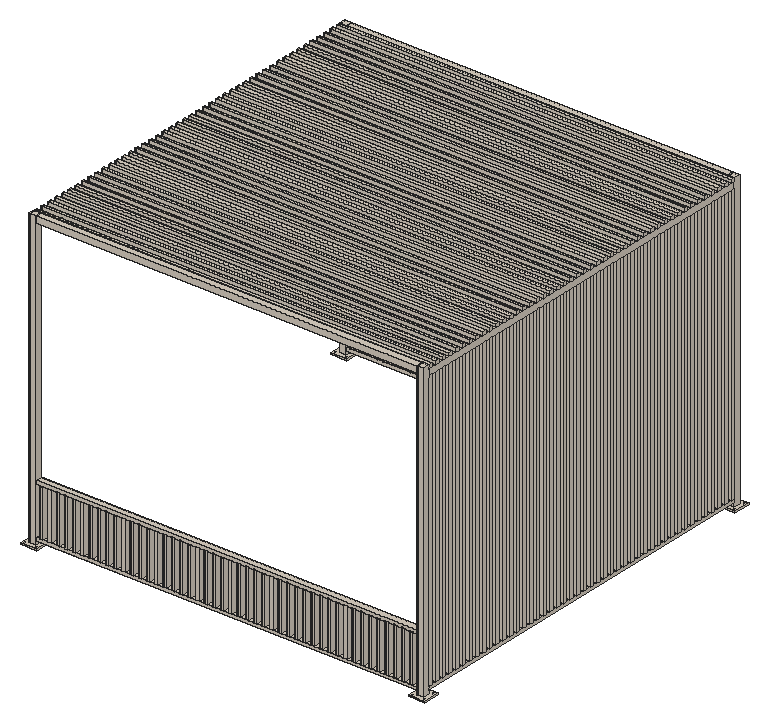
Revit family "Sun-Shades_SURYA_PalmSHIELD", category Generic Models, Revit 2026
Family settings
  Can host rebar = No
  Round Connector Dimension = Use Diameter
  Part Type = Normal
  Work Plane-Based = No
  Always vertical = Yes
  Cut with Voids When Loaded = No
  Maintain Annotation Orientation = No
  Shared = No
  Room Calculation Point = No
Parameters
  X2 [instance] = Length  # 20' - 0"
  X1 [instance] = Depth - 0' 8"  # 19' - 4"
  Side Trellis Length [instance] = Length - 0' 8"  # 19' - 4"
  Short Wall at Sides [instance] = yes
  Purlins Spacing Desired [instance] = 0' - 3"
  Length [instance] = 20' - 0"
  Wall Length [instance] = Depth - 0' 8"  # 19' - 4"
  URL = "https://palmshieldlouvers.com/"
  Trellis Length [instance] = Depth - 0' 8"  # 19' - 4"
  Trellis Height = 3' - 0"
  Specification = "https://www.arcat.com/company/palmshield-53925/spec"
  Purlin Width = 0' - 2"
  Purlin Height = 0' - 2"
  Product Page URL = "https://www.arcat.com/company/palmshield-53925"
  Material [instance] = PalmSHIELD - Alloy
  Manufacturer = "PalmSHIELD"  # constant formula
  Keynote = "06 87 00"
  Height [instance] = 15' - 0"
  Depth [instance] = 20' - 0"
  Default Elevation = 0' - 0"
  Copyright = "©ARCAT"  # constant formula
  Column Width [instance] = Length - 0' 8"  # 19' - 4"
  Center to Center [instance] = Purlins Spacing Desired + 0' 2"  # 0' - 5"
  CAD Details = "https://www.arcat.com/company/palmshield-53925/cad"
  Backside Wall Purlins Height [instance] = Height - 0' 6"  # 14' - 6"
Reference planes (in)
  plane 1 "Center (Front/Back)": y = 0
  plane 2: z = 0
  plane 3 "Center (Left/Right)": x = 0
  plane 4: y = 120
  plane 5: y = -120
  plane 6: x = -120
  plane 7: x = 120
  plane 8: y = 116
  plane 9: y = 119.75
  plane 10: y = 116.25
  plane 11: y = -116
  plane 12: y = -119.75
  plane 13: y = -116.25
  plane 14: x = -116
  plane 15: x = -119.75
  plane 16: x = -116.25
  plane 17: x = 116
  plane 18: x = 119.75
  plane 19: x = 116.25
  plane 20: y = 118
  plane 21: y = -118
  plane 22: x = -118
  plane 23: x = 118
  plane 24: z = 180
  plane 25: z = 178
  plane 26: z = 177.75
  plane 27: z = 174
  plane 28: z = 174.25
  plane 29: z = 3
  plane 30: z = 36
Forms (in)
  Extrusion 1, solid, material "PalmSHIELD - Alloy" <- "Material"
    sketch origin (0, 0, 0) x (1, 0, 0) y (0, 0, 1)
      loop
        line (-120, 178) -> (-120, 174) -> (-116, 174) -> (-116, 178) -> (-120, 178)
      loop
        line (-119.75, 177.75) -> (-119.75, 174.25) -> (-116.25, 174.25) -> (-116.25, 177.75) -> (-119.75, 177.75)
      loop
        line (116, 178) -> (116, 174) -> (120, 174) -> (120, 178) -> (116, 178)
      loop
        line (119.75, 177.75) -> (116.25, 177.75) -> (116.25, 174.25) -> (119.75, 174.25) -> (119.75, 177.75)
    from -116 to 116
Dimensions and locks (in)
  equal spacing: plane 6, plane 3 "Center (Left/Right)", plane 7
  equal spacing: plane 5, plane 1 "Center (Front/Back)", plane 4
  "Depth": plane 4 to plane 5
  "Length": plane 6 to plane 7
  locked: plane 4 to plane 9 at 0.25
  locked: plane 10 to plane 8 at 0.25
  locked: plane 4 to plane 8 at 4
  locked: plane 5 to plane 12 at 0.25
  locked: plane 13 to plane 11 at 0.25
  locked: plane 5 to plane 11 at 4
  locked: plane 6 to plane 15 at 0.25
  locked: plane 16 to plane 14 at 0.25
  locked: plane 6 to plane 14 at 4
  locked: plane 7 to plane 18 at 0.25
  locked: plane 19 to plane 17 at 0.25
  locked: plane 7 to plane 17 at 4
  equal spacing: plane 4, plane 20, plane 8
  equal spacing: plane 5, plane 21, plane 11
  equal spacing: plane 6, plane 22, plane 14
  equal spacing: plane 17, plane 23, plane 7
  "Purlin Height": plane 24 to plane 25
  plane 25 to plane 26 to plane 28 to plane 27 = 0' - 0 1/4" locked, 0' - 3 1/2" locked, 0' - 0 1/4" locked
  "Height": plane 24 to level
  locked: plane 29 to plane 2 at 3
  nested 4 to nested 4 = 19' - 4"
  "Trellis Height": plane 30 to plane 2
  aligned and locked: plane 2 to level
  aligned and locked: plane 3 "Center (Left/Right)" to nested 1
  aligned and locked: plane 20 to nested 1
  aligned and locked: nested 2 to plane 3 "Center (Left/Right)"
  aligned and locked: nested 2 to plane 21
  aligned and locked: Extrusion 1 sketch curve to plane 6
  aligned and locked: Extrusion 1 sketch curve to plane 25  (x2)
  aligned and locked: Extrusion 1 sketch curve to plane 14
  aligned and locked: Extrusion 1 sketch curve to plane 27  (x2)
  aligned and locked: Extrusion 1 sketch curve to plane 26  (x2)
  aligned and locked: Extrusion 1 sketch curve to plane 15
  aligned and locked: Extrusion 1 sketch curve to plane 16
  aligned and locked: Extrusion 1 sketch curve to plane 28  (x2)
  aligned and locked: Extrusion 1 sketch curve to plane 7
  aligned and locked: Extrusion 1 sketch curve to plane 18
  aligned and locked: Extrusion 1 sketch curve to plane 19
  aligned and locked: Extrusion 1 sketch curve to plane 17
  aligned and locked: plane 8 to Extrusion 1
  aligned and locked: plane 11 to Extrusion 1
  aligned and locked: nested 3 to plane 3 "Center (Left/Right)"
  aligned and locked: nested 3 to plane 1 "Center (Front/Back)"
  aligned and locked: nested 4 to plane 1 "Center (Front/Back)"
  aligned and locked: plane 23 to nested 4
  aligned and locked: nested 4 to plane 29
  aligned and locked: nested 5 to plane 3 "Center (Left/Right)"
  aligned and locked: plane 20 to nested 5
  aligned and locked: plane 3 "Center (Left/Right)" to nested 6
  aligned and locked: nested 6 to plane 21
  aligned and locked: plane 29 to nested 5
  aligned and locked: nested 6 to plane 29
Nested families (in)
  nested 1: "ALUMINUM SQ TUBE 4 X 4 X 0.25 BEAM 6063-T52" at (0, 118, -0.125) x (0, 1, 0) z (0, 0, 1), type "ALUMINUM SQ TUBE 4 X 4 X 0.25 BEAM 6063-T52"
    with LENGTH 19' - 4", WIDTH 19' - 4", HEIGHT 15' - 0"
  nested 2: "ALUMINUM SQ TUBE 4 X 4 X 0.25 BEAM 6063-T52" at (0, -118, -0.125) x (0, 1, 0) z (0, 0, 1), type "ALUMINUM SQ TUBE 4 X 4 X 0.25 BEAM 6063-T52"
    with LENGTH 19' - 4", WIDTH 19' - 4", HEIGHT 15' - 0"
  nested 3: "Family1" at (120, 0, 180) x (0, -1, 0) z (0, 0, -1), Purlin Spacing Desired <- "Purlins Spacing Desired", type "Overhanging Beams"
    with Purlin Spacing Desired 0' - 3", Purlin Spacing Calculated 0' - 3.11111", No of Horizontal Purlin 46, Center of Center 0' - 5.11111"
  nested 4: "BackSide Vertical Purlins" at (118, 0, 0) x (0, 1, 0) z (0, 0, 1), Purlins Spacing Desired <- "Purlins Spacing Desired", type "Trellis"
    with Wind & Privacy Ad On Options_Planter Trellis no, Wind & Privacy AD on Option - Vertical Privacy Aluminum Slats yes, Wall Purlins Height_1 14' - 1", Redius_2 12' - 0", Purlins Spacing Desired 0' - 3", Purlins Spacing Calculated 0' - 3.11111", No Of Trellis Purlins 46, Center to Center 0' - 5.11111"
  nested 5: "Trellis" at (0, 118, 0) x (-1, 0, 0) z (0, 0, 1), visible <- "Short Wall at Sides", type "Trellis 2"
    with Wind & Privacy Ad On Options_Planter Trellis no, Wind & Privacy AD on Option - Vertical Privacy Aluminum Slats yes, Wall Purlins Height 2' - 5", Redius_2 12' - 0", Trellis Length 19' - 4", Purlins Width 0' - 2", No Of Trellis Purlins 23
  nested 6: "Trellis" at (0, -118, 0) x (-1, 0, 0) z (0, 0, 1), visible <- "Short Wall at Sides", type "Trellis 2"
    with Wind & Privacy Ad On Options_Planter Trellis no, Wind & Privacy AD on Option - Vertical Privacy Aluminum Slats yes, Wall Purlins Height 2' - 5", Redius_2 12' - 0", Trellis Length 19' - 4", Purlins Width 0' - 2", No Of Trellis Purlins 23
Definition of nested family "ALUMINUM SQ TUBE 4 X 4 X 0.25 BEAM 6063-T52"
  Parameters (values of type "ALUMINUM SQ TUBE 4 X 4 X 0.25 BEAM 6063-T52")
    LENGTH = 24' - 2"
    WIDTH = 24' - 10"
    HEIGHT = 10' - 0"
    BEAM HEIGHT = 0' - 4"
    Default Elevation = 0' - 0"
    ALUMINUM = none
  Reference planes (in)
    plane 1 "Center (Front/Back)": y = 0
    plane 2: z = 0.125
    plane 3 "Center (Left/Right)": x = 0
    plane 4: z = 120.125
    plane 5: z = 116.375
    plane 6: z = 119.875
    plane 7: y = 145
    plane 8: y = -145
    plane 9: y = 149
    plane 10: y = -149
    plane 11: y = -147
    plane 12: z = 116.125
    plane 13: z = 118.125
    plane 14: y = 147
    plane 15: x = -2
    plane 16: x = 2
    plane 17: x = -1.75
    plane 18: x = 1.75
    plane 19: y = 152
    plane 20: y = 150.5
    plane 21: y = 142
    plane 22: y = 143.5
    plane 23: x = -5
    plane 24: x = 5
    plane 25: x = 3.5
    plane 26: x = -3.5
  Forms (in)
    Extrusion 1, solid, material <- "ALUMINUM"
      sketch origin (0, 0, 0) x (1, 0, 0) y (0, 0, 1)
        loop
          line (-2, 120.125) -> (-2, 116.125) -> (2, 116.125) -> (2, 120.125) -> (-2, 120.125)
        loop
          line (-1.75, 116.375) -> (1.75, 116.375) -> (1.75, 119.875) -> (-1.75, 119.875) -> (-1.75, 116.375)
      from -145 to 145
  Dimensions and locks (in)
    locked: plane 5 to plane 12 at 0.25
    locked: plane 4 to plane 6 at 0.25
    equal spacing: plane 7, plane 1 "Center (Front/Back)", plane 8
    "LENGTH": plane 7 to plane 8
    locked: plane 8 to plane 10 at 4
    equal spacing: plane 8, plane 11, plane 10
    "BEAM HEIGHT": plane 4 to plane 12
    equal spacing: plane 4, plane 13, plane 12
    "HEIGHT": plane 4 to level
    equal spacing: plane 7, plane 14, plane 9
    locked: plane 9 to plane 7 at 4
    equal spacing: plane 19, plane 20, plane 9
    equal spacing: plane 21, plane 22, plane 7
    locked: plane 19 to plane 9 at 3
    locked: plane 7 to plane 21 at 3
    equal spacing: plane 16, plane 25, plane 24
    locked: plane 16 to plane 24 at 3
    equal spacing: plane 15, plane 26, plane 23
    locked: plane 15 to plane 23 at 3
    aligned and locked: plane 2 to level
    aligned and locked: Extrusion 1 sketch curve to plane 4
    aligned and locked: Extrusion 1 sketch curve to plane 5
    aligned and locked: Extrusion 1 sketch curve to plane 6
    aligned and locked: nested 1 to plane 3 "Center (Left/Right)"
    aligned and locked: nested 1 to plane 11
    aligned and locked: Extrusion 1 to plane 12
    aligned and locked: nested 2 to plane 3 "Center (Left/Right)"
    aligned and locked: plane 14 to nested 2
    aligned and locked: plane 7 to Extrusion 1
    aligned and locked: Extrusion 1 sketch curve to plane 17
    aligned and locked: Extrusion 1 sketch curve to plane 15
    aligned and locked: Extrusion 1 sketch curve to plane 18
    aligned and locked: Extrusion 1 sketch curve to plane 16
    aligned and locked: Extrusion 1 to plane 8
  Automatic sketch dimensions
    Extrusion 1 sketch curve to plane 12 = 0' - 0"
  Nested families (in)
    nested 1: "STEEL SQ TUBE 4 X 4 X 0.25 CAPPED ASTM A500 GR.B" at (0, -147, 0.125), type "STEEL SQ TUBE 4 X 4 X 0.25 CAPPED ASTM A500 GR.B"
    nested 2: "STEEL SQ TUBE 4 X 4 X 0.25 CAPPED ASTM A500 GR.B" at (0, 147, 0.125), type "STEEL SQ TUBE 4 X 4 X 0.25 CAPPED ASTM A500 GR.B"
  Definition of nested family "STEEL SQ TUBE 4 X 4 X 0.25 CAPPED ASTM A500 GR.B"
    Parameters (values of type "STEEL SQ TUBE 4 X 4 X 0.25 CAPPED ASTM A500 GR.B")
      WIDTH = 0' - 4"
      STEEL = none
      HEIGHT = 10' - 0"
      Default Elevation = 0' - 0"
      DEPTH = 0' - 4"
      BASE PLATE WIDTH = 0' - 10"
      BASE PLATE THICKNESS = 0' - 0 3/4"
      BASE PLATE DEPTH = 0' - 10"
    Reference planes (in)
      plane 1 "Center (Front/Back)": y = 0
      plane 2: z = 0
      plane 3 "Center (Left/Right)": x = 0
      plane 4: y = 2
      plane 5: y = -2
      plane 6: x = -2
      plane 7: x = 2
      plane 8: x = -1.75
      plane 9: x = 1.75
      plane 10: y = 1.75
      plane 11: y = -1.75
      plane 12: z = 120
      plane 13: x = -5
      plane 14: x = 5
      plane 15: y = 5
      plane 16: y = -5
      plane 17: z = 0.75
      plane 18: y = 3.5
      plane 19: y = -3.5
      plane 20: x = -3.5
      plane 21: x = 3.5
      plane 22: z = 119.75
    Forms (in)
      Extrusion 1, solid, material <- "STEEL"
        sketch origin (0, 0, 0) x (1, 0, 0) y (0, 1, 0)
          loop
            line (-2, 2) -> (-2, -2) -> (2, -2) -> (2, 2) -> (-2, 2)
          loop
            line (-1.75, 1.75) -> (-1.75, -1.75) -> (1.75, -1.75) -> (1.75, 1.75) -> (-1.75, 1.75)
        from 0.75 to 120
      Extrusion 2, solid, material <- "STEEL"
        sketch origin (0, 0, 0) x (1, 0, 0) y (0, 1, 0)
          loop
            line (-5, 5) -> (-5, -5) -> (5, -5) -> (5, 5) -> (-5, 5)
        from 0 to 0.75
      Extrusion 3, void
        sketch origin (0, 0, 0) x (1, 0, 0) y (0, 1, 0)
          loop
            circle (-3.5, 3.5) r 0.25
          loop
            circle (-3.5, -3.5) r 0.25
          loop
            circle (3.5, 3.5) r 0.25
          loop
            circle (3.5, -3.5) r 0.25
        from 0 to 0.75
      Extrusion 4, solid, material <- "STEEL"
        sketch origin (0, 0, 0) x (1, 0, 0) y (0, 1, 0)
          loop
            line (-1.75, 1.75) -> (-1.75, -1.75) -> (1.75, -1.75) -> (1.75, 1.75) -> (-1.75, 1.75)
        from 119.75 to 120
    Cuts and joins
      Extrusion 3 cuts Extrusion 2
      joined: Extrusion 1, Extrusion 4
    Dimensions and locks (in)
      equal spacing: plane 6, plane 3 "Center (Left/Right)", plane 7
      equal spacing: plane 4, plane 1 "Center (Front/Back)", plane 5
      "WIDTH": plane 6 to plane 7
      "DEPTH": plane 4 to plane 5
      locked: plane 4 to plane 10 at 0.25
      locked: plane 6 to plane 8 at 0.25
      locked: plane 9 to plane 7 at 0.25
      locked: plane 11 to plane 5 at 0.25
      "HEIGHT": plane 12 to level
      equal spacing: plane 15, plane 1 "Center (Front/Back)", plane 16
      equal spacing: plane 13, plane 3 "Center (Left/Right)", plane 14
      "BASE PLATE WIDTH": plane 13 to plane 14
      "BASE PLATE DEPTH": plane 15 to plane 16
      "BASE PLATE THICKNESS": plane 17 to plane 2
      equal spacing: plane 15, plane 18, plane 4, locked at 1.5 each
      equal spacing: plane 16, plane 19, plane 5, locked at 1.5 each
      equal spacing: plane 13, plane 20, plane 6, locked at 1.5 each
      equal spacing: plane 14, plane 21, plane 7, locked at 1.5 each
      locked: plane 12 to plane 22 at 0.25
      aligned and locked: plane 2 to level
      aligned and locked: Extrusion 1 sketch curve to plane 4
      aligned and locked: Extrusion 1 sketch curve to plane 10
      aligned and locked: Extrusion 1 sketch curve to plane 8
      aligned and locked: Extrusion 1 sketch curve to plane 6
      aligned and locked: plane 11 to Extrusion 1 sketch curve
      aligned and locked: Extrusion 1 sketch curve to plane 5
      aligned and locked: Extrusion 1 sketch curve to plane 7
      aligned and locked: plane 9 to Extrusion 1 sketch curve
      aligned and locked: plane 12 to Extrusion 1
      aligned and locked: Extrusion 2 sketch curve to plane 13
      aligned and locked: Extrusion 2 sketch curve to plane 15
      aligned and locked: Extrusion 2 sketch curve to plane 16
      aligned and locked: Extrusion 2 sketch curve to plane 14
      aligned and locked: Extrusion 2 to plane 2
      aligned and locked: plane 17 to Extrusion 2
      aligned and locked: Extrusion 1 to plane 17
      aligned and locked: plane 20 to Extrusion 3 sketch curve  (x2)
      aligned and locked: plane 18 to Extrusion 3 sketch curve  (x2)
      aligned and locked: plane 19 to Extrusion 3 sketch curve  (x2)
      aligned and locked: plane 21 to Extrusion 3 sketch curve  (x2)
      aligned and locked: Extrusion 3 to level
      aligned and locked: plane 17 to Extrusion 3
      aligned and locked: Extrusion 4 sketch curve to plane 10
      aligned and locked: plane 8 to Extrusion 4 sketch curve
      aligned and locked: Extrusion 4 sketch curve to plane 11
      aligned and locked: plane 9 to Extrusion 4 sketch curve
      aligned and locked: Extrusion 4 to plane 22
      aligned and locked: plane 12 to Extrusion 4
    Automatic sketch dimensions
      radius of Extrusion 3 sketch curve = 0' - 0 1/4"  (x4)
Definition of nested family "Family1"
  Parameters (values of type "Overhanging Beams")
    Up = yes
    Purlin Width Half = Purlin Width / 2  # 0' - 1"
    Purlin Width = 0' - 2"
    Purlin Spacing Desired [instance] = 0' - 2"
    Purlin Spacing Calculated [instance] = (L - (No of Horizontal Purlin * Purlin Width)) / (No of Horizontal Purlin - 1)  # 0' - 2.03509"
    Purlin Length = 20' - 0"
    Purlin Height = 0' - 2"
    No of Horizontal Purlin [instance] = (L / (Purlin Width + Purlin Spacing Desired))  # 58
    Material = none
    L = 19' - 4"
    Down = no
    Default Elevation = 4' - 0"
    Center of Center [instance] = Purlin Width + Purlin Spacing Calculated  # 0' - 4.03509"
  Reference planes (in)
    plane 1 "Center (Front/Back)": y = 0
    plane 2: z = 0
    plane 3 "Center (Left/Right)": x = 0
    plane 4: y = 240
    plane 5: x = -116
    plane 6: x = 116
    plane 7: x = -115
    plane 8: x = -110.96491
    plane 9: y = 120
  Forms (in)
    Extrusion 1, solid
      sketch origin (0, 0, 0) x (1, 0, 0) y (0, 1, 0)
        loop
          line (-48, 48) -> (-48, -48) -> (48, -48) -> (48, 48) -> (-48, 48)
      from 0 to -12
  Dimensions and locks (in)
    "Purlin Length": plane 4 to plane 1 "Center (Front/Back)"
    "L": plane 5 to plane 6
    equal spacing: plane 5, plane 3 "Center (Left/Right)", plane 6
    "Center of Center": plane 7 to plane 8
    equal spacing: group 1, group 2, group 3, group 4, group 5, group 6, group 7, group 8, group 9, group 10, group 11, group 12, group 13, group 14, group 15, group 16, group 17, group 18, group 19, group 20, group 21, group 22, group 23, group 24, group 25, group 26, group 27, group 28, group 29, group 30, group 31, group 32, group 33, group 34, group 35, group 36, group 37, group 38, group 39, group 40, group 41, group 42, group 43, group 44, group 45, group 46, group 47, group 48, group 49, group 50, group 51, group 52, group 53, group 54, group 55, group 56, group 57, group 58  (x3)
    equal spacing: plane 1 "Center (Front/Back)", plane 9, plane 4
    "Purlin Width Half": plane 5 to plane 7
    aligned and locked: plane 2 to Extrusion 1
    aligned and locked: level to Extrusion 1
    aligned and locked: nested 1 to plane 7
    aligned and locked: plane 8 to nested 2
  Automatic sketch dimensions
    Extrusion 1 sketch curve to Extrusion 1 sketch curve = 8' - 0"  (x2)
  Nested families (in)
    nested 1: "Family2" at (-115, 0, 0) x (-1, 0, 0) z (0, 0, 1), type "Up"
      with Up yes, Purlin Length 20' - 0", Down no
    nested 2: "Family2" at (-110.96491, 0, 0) x (-1, 0, 0) z (0, 0, 1), type "Up"
      with Up yes, Purlin Length 20' - 0", Down no
    nested 3: "Family2" at (-106.92982, 0, 0) x (-1, 0, 0) z (0, 0, 1), type "Up"
      with Up yes, Purlin Length 20' - 0", Down no
    nested 4: "Family2" at (-102.89474, 0, 0) x (-1, 0, 0) z (0, 0, 1), type "Up"
      with Up yes, Purlin Length 20' - 0", Down no
    nested 5: "Family2" at (-98.85965, 0, 0) x (-1, 0, 0) z (0, 0, 1), type "Up"
      with Up yes, Purlin Length 20' - 0", Down no
    nested 6: "Family2" at (-94.82456, 0, 0) x (-1, 0, 0) z (0, 0, 1), type "Up"
      with Up yes, Purlin Length 20' - 0", Down no
    nested 7: "Family2" at (-90.78947, 0, 0) x (-1, 0, 0) z (0, 0, 1), type "Up"
      with Up yes, Purlin Length 20' - 0", Down no
    nested 8: "Family2" at (-86.75439, 0, 0) x (-1, 0, 0) z (0, 0, 1), type "Up"
      with Up yes, Purlin Length 20' - 0", Down no
    nested 9: "Family2" at (-82.7193, 0, 0) x (-1, 0, 0) z (0, 0, 1), type "Up"
      with Up yes, Purlin Length 20' - 0", Down no
    nested 10: "Family2" at (-78.68421, 0, 0) x (-1, 0, 0) z (0, 0, 1), type "Up"
      with Up yes, Purlin Length 20' - 0", Down no
    nested 11: "Family2" at (-74.64912, 0, 0) x (-1, 0, 0) z (0, 0, 1), type "Up"
      with Up yes, Purlin Length 20' - 0", Down no
    nested 12: "Family2" at (-70.61404, 0, 0) x (-1, 0, 0) z (0, 0, 1), type "Up"
      with Up yes, Purlin Length 20' - 0", Down no
    nested 13: "Family2" at (-66.57895, 0, 0) x (-1, 0, 0) z (0, 0, 1), type "Up"
      with Up yes, Purlin Length 20' - 0", Down no
    nested 14: "Family2" at (-62.54386, 0, 0) x (-1, 0, 0) z (0, 0, 1), type "Up"
      with Up yes, Purlin Length 20' - 0", Down no
    nested 15: "Family2" at (-58.50877, 0, 0) x (-1, 0, 0) z (0, 0, 1), type "Up"
      with Up yes, Purlin Length 20' - 0", Down no
    nested 16: "Family2" at (-54.47368, 0, 0) x (-1, 0, 0) z (0, 0, 1), type "Up"
      with Up yes, Purlin Length 20' - 0", Down no
    nested 17: "Family2" at (-50.4386, 0, 0) x (-1, 0, 0) z (0, 0, 1), type "Up"
      with Up yes, Purlin Length 20' - 0", Down no
    nested 18: "Family2" at (-46.40351, 0, 0) x (-1, 0, 0) z (0, 0, 1), type "Up"
      with Up yes, Purlin Length 20' - 0", Down no
    nested 19: "Family2" at (-42.36842, 0, 0) x (-1, 0, 0) z (0, 0, 1), type "Up"
      with Up yes, Purlin Length 20' - 0", Down no
    nested 20: "Family2" at (-38.33333, 0, 0) x (-1, 0, 0) z (0, 0, 1), type "Up"
      with Up yes, Purlin Length 20' - 0", Down no
    nested 21: "Family2" at (-34.29825, 0, 0) x (-1, 0, 0) z (0, 0, 1), type "Up"
      with Up yes, Purlin Length 20' - 0", Down no
    nested 22: "Family2" at (-30.26316, 0, 0) x (-1, 0, 0) z (0, 0, 1), type "Up"
      with Up yes, Purlin Length 20' - 0", Down no
    nested 23: "Family2" at (-26.22807, 0, 0) x (-1, 0, 0) z (0, 0, 1), type "Up"
      with Up yes, Purlin Length 20' - 0", Down no
    nested 24: "Family2" at (-22.19298, 0, 0) x (-1, 0, 0) z (0, 0, 1), type "Up"
      with Up yes, Purlin Length 20' - 0", Down no
    nested 25: "Family2" at (-18.15789, 0, 0) x (-1, 0, 0) z (0, 0, 1), type "Up"
      with Up yes, Purlin Length 20' - 0", Down no
    nested 26: "Family2" at (-14.12281, 0, 0) x (-1, 0, 0) z (0, 0, 1), type "Up"
      with Up yes, Purlin Length 20' - 0", Down no
    nested 27: "Family2" at (-10.08772, 0, 0) x (-1, 0, 0) z (0, 0, 1), type "Up"
      with Up yes, Purlin Length 20' - 0", Down no
    nested 28: "Family2" at (-6.05263, 0, 0) x (-1, 0, 0) z (0, 0, 1), type "Up"
      with Up yes, Purlin Length 20' - 0", Down no
    nested 29: "Family2" at (-2.01754, 0, 0) x (-1, 0, 0) z (0, 0, 1), type "Up"
      with Up yes, Purlin Length 20' - 0", Down no
    nested 30: "Family2" at (2.01754, 0, 0) x (-1, 0, 0) z (0, 0, 1), type "Up"
      with Up yes, Purlin Length 20' - 0", Down no
    nested 31: "Family2" at (6.05263, 0, 0) x (-1, 0, 0) z (0, 0, 1), type "Up"
      with Up yes, Purlin Length 20' - 0", Down no
    nested 32: "Family2" at (10.08772, 0, 0) x (-1, 0, 0) z (0, 0, 1), type "Up"
      with Up yes, Purlin Length 20' - 0", Down no
    nested 33: "Family2" at (14.12281, 0, 0) x (-1, 0, 0) z (0, 0, 1), type "Up"
      with Up yes, Purlin Length 20' - 0", Down no
    nested 34: "Family2" at (18.15789, 0, 0) x (-1, 0, 0) z (0, 0, 1), type "Up"
      with Up yes, Purlin Length 20' - 0", Down no
    nested 35: "Family2" at (22.19298, 0, 0) x (-1, 0, 0) z (0, 0, 1), type "Up"
      with Up yes, Purlin Length 20' - 0", Down no
    nested 36: "Family2" at (26.22807, 0, 0) x (-1, 0, 0) z (0, 0, 1), type "Up"
      with Up yes, Purlin Length 20' - 0", Down no
    nested 37: "Family2" at (30.26316, 0, 0) x (-1, 0, 0) z (0, 0, 1), type "Up"
      with Up yes, Purlin Length 20' - 0", Down no
    nested 38: "Family2" at (34.29825, 0, 0) x (-1, 0, 0) z (0, 0, 1), type "Up"
      with Up yes, Purlin Length 20' - 0", Down no
    nested 39: "Family2" at (38.33333, 0, 0) x (-1, 0, 0) z (0, 0, 1), type "Up"
      with Up yes, Purlin Length 20' - 0", Down no
    nested 40: "Family2" at (42.36842, 0, 0) x (-1, 0, 0) z (0, 0, 1), type "Up"
      with Up yes, Purlin Length 20' - 0", Down no
    nested 41: "Family2" at (46.40351, 0, 0) x (-1, 0, 0) z (0, 0, 1), type "Up"
      with Up yes, Purlin Length 20' - 0", Down no
    nested 42: "Family2" at (50.4386, 0, 0) x (-1, 0, 0) z (0, 0, 1), type "Up"
      with Up yes, Purlin Length 20' - 0", Down no
    nested 43: "Family2" at (54.47368, 0, 0) x (-1, 0, 0) z (0, 0, 1), type "Up"
      with Up yes, Purlin Length 20' - 0", Down no
    nested 44: "Family2" at (58.50877, 0, 0) x (-1, 0, 0) z (0, 0, 1), type "Up"
      with Up yes, Purlin Length 20' - 0", Down no
    nested 45: "Family2" at (62.54386, 0, 0) x (-1, 0, 0) z (0, 0, 1), type "Up"
      with Up yes, Purlin Length 20' - 0", Down no
    nested 46: "Family2" at (66.57895, 0, 0) x (-1, 0, 0) z (0, 0, 1), type "Up"
      with Up yes, Purlin Length 20' - 0", Down no
    nested 47: "Family2" at (70.61404, 0, 0) x (-1, 0, 0) z (0, 0, 1), type "Up"
      with Up yes, Purlin Length 20' - 0", Down no
    nested 48: "Family2" at (74.64912, 0, 0) x (-1, 0, 0) z (0, 0, 1), type "Up"
      with Up yes, Purlin Length 20' - 0", Down no
    nested 49: "Family2" at (78.68421, 0, 0) x (-1, 0, 0) z (0, 0, 1), type "Up"
      with Up yes, Purlin Length 20' - 0", Down no
    nested 50: "Family2" at (82.7193, 0, 0) x (-1, 0, 0) z (0, 0, 1), type "Up"
      with Up yes, Purlin Length 20' - 0", Down no
    nested 51: "Family2" at (86.75439, 0, 0) x (-1, 0, 0) z (0, 0, 1), type "Up"
      with Up yes, Purlin Length 20' - 0", Down no
    nested 52: "Family2" at (90.78947, 0, 0) x (-1, 0, 0) z (0, 0, 1), type "Up"
      with Up yes, Purlin Length 20' - 0", Down no
    nested 53: "Family2" at (94.82456, 0, 0) x (-1, 0, 0) z (0, 0, 1), type "Up"
      with Up yes, Purlin Length 20' - 0", Down no
    nested 54: "Family2" at (98.85965, 0, 0) x (-1, 0, 0) z (0, 0, 1), type "Up"
      with Up yes, Purlin Length 20' - 0", Down no
    nested 55: "Family2" at (102.89474, 0, 0) x (-1, 0, 0) z (0, 0, 1), type "Up"
      with Up yes, Purlin Length 20' - 0", Down no
    nested 56: "Family2" at (106.92982, 0, 0) x (-1, 0, 0) z (0, 0, 1), type "Up"
      with Up yes, Purlin Length 20' - 0", Down no
    nested 57: "Family2" at (110.96491, 0, 0) x (-1, 0, 0) z (0, 0, 1), type "Up"
      with Up yes, Purlin Length 20' - 0", Down no
    nested 58: "Family2" at (115, 0, 0) x (-1, 0, 0) z (0, 0, 1), type "Up"
      with Up yes, Purlin Length 20' - 0", Down no
  Definition of nested family "Family2"
    Parameters (values of type "Down")
      Up = yes
      Purlin Length = 2' - 8.61991"
      Purlin Height = 0' - 3"
      Parlin Width = 0' - 2"
      Material = none
      Down = no
      Default Elevation = 0' - 0"
    Types (3): name | Up | Purlin Length | Purlin Height | Down
      Up | no | 19' - 4" | 0' - 2" | yes
      Down | yes | 2' - 8.61991" | 0' - 3" | no
      Family2 | no | 19' - 4" | 0' - 2" | no
    Reference planes (in)
      plane 1 "Center (Front/Back)": y = 0
      plane 2: z = 0
      plane 3 "Center (Left/Right)": x = 0
      plane 4: z = 3
      plane 5: x = -1
      plane 6: x = 1
      plane 7: z = -3
      plane 8: z = 2.875
      plane 9: z = -2.875
      plane 10: x = 0.875
      plane 11: x = -0.875
      plane 12: z = 0.125
      plane 13: z = -0.125
      plane 14: y = 32.61991
      plane 15: y = 0.125
      plane 16: y = 32.49491
    Forms (in)
      Extrusion 1, solid, material <- "Material", visible <- "Up"
        sketch origin (0, 0, 0) x (1, 0, 0) y (0, 0, 1)
          loop
            line (1, 3) -> (-1, 3) -> (-1, 0) -> (1, 0) -> (1, 3)
          loop
            line (-0.875, 2.875) -> (-0.875, 0.125) -> (0.875, 0.125) -> (0.875, 2.875) -> (-0.875, 2.875)
        from -32.61991 to 0
      Extrusion 2, solid, material <- "Material", visible <- "Down"
        sketch origin (0, 0, 0) x (1, 0, 0) y (0, 0, 1)
          loop
            line (-1, 0) -> (-1, -3) -> (1, -3) -> (1, 0) -> (-1, 0)
          loop
            line (0.875, -2.875) -> (0.875, -0.125) -> (-0.875, -0.125) -> (-0.875, -2.875) -> (0.875, -2.875)
        from 0 to -32.61991
      Extrusion 3, solid, material <- "Material", visible <- "Up"
        sketch origin (0, 0, 0) x (1, 0, 0) y (0, 0, 1)
          loop
            line (0.875, 2.875) -> (-0.875, 2.875) -> (-0.875, 0.125) -> (0.875, 0.125) -> (0.875, 2.875)
        from -0.125 to 0
      Extrusion 4, solid, material <- "Material", visible <- "Up"
        sketch origin (0, 0, 0) x (1, 0, 0) y (0, 0, 1)
          loop
            line (0.875, 2.875) -> (-0.875, 2.875) -> (-0.875, 0.125) -> (0.875, 0.125) -> (0.875, 2.875)
        from -32.61991 to -32.49491
      Extrusion 5, solid, material <- "Material", visible <- "Down"
        sketch origin (0, 0, 0) x (1, 0, 0) y (0, 0, 1)
          loop
            line (-0.875, -0.125) -> (-0.875, -2.875) -> (0.875, -2.875) -> (0.875, -0.125) -> (-0.875, -0.125)
        from -0.125 to 0
      Extrusion 6, solid, material <- "Material", visible <- "Down"
        sketch origin (0, 0, 0) x (1, 0, 0) y (0, 0, 1)
          loop
            line (-0.875, -0.125) -> (-0.875, -2.875) -> (0.875, -2.875) -> (0.875, -0.125) -> (-0.875, -0.125)
        from -32.61991 to -32.49491
    Cuts and joins
      joined: Extrusion 1, Extrusion 3, Extrusion 4
      joined: Extrusion 2, Extrusion 5, Extrusion 6
    Dimensions and locks (in)
      "Purlin Height": plane 4 to level
      equal spacing: plane 6, plane 3 "Center (Left/Right)", plane 5
      "Parlin Width": plane 5 to plane 6
      "Purlin Height": plane 2 to plane 7
      locked: plane 4 to plane 8 at 0.125
      locked: plane 9 to plane 7 at 0.125
      locked: plane 11 to plane 5 at 0.125
      locked: plane 10 to plane 6 at 0.125
      locked: plane 12 to plane 2 at 0.125
      locked: plane 13 to plane 2 at 0.125
      "Purlin Length": plane 14 to plane 1 "Center (Front/Back)"
      locked: plane 1 "Center (Front/Back)" to plane 15 at 0.125
      locked: plane 14 to plane 16 at 0.125
      aligned and locked: plane 2 to level
      aligned and locked: Extrusion 1 sketch curve to plane 4
      aligned and locked: Extrusion 1 sketch curve to plane 5
      aligned and locked: plane 6 to Extrusion 1 sketch curve
      aligned and locked: Extrusion 1 sketch curve to level
      aligned and locked: Extrusion 1 sketch curve to plane 11
      aligned and locked: Extrusion 1 sketch curve to plane 8
      aligned and locked: plane 10 to Extrusion 1 sketch curve
      aligned and locked: Extrusion 1 sketch curve to plane 12
      aligned and locked: plane 1 "Center (Front/Back)" to Extrusion 1
      aligned and locked: plane 14 to Extrusion 1
      aligned and locked: Extrusion 2 sketch curve to level
      aligned and locked: Extrusion 2 sketch curve to plane 5
      aligned and locked: plane 6 to Extrusion 2 sketch curve
      aligned and locked: plane 7 to Extrusion 2 sketch curve
      aligned and locked: plane 9 to Extrusion 2 sketch curve
      aligned and locked: plane 10 to Extrusion 2 sketch curve
      aligned and locked: Extrusion 2 sketch curve to plane 11
      aligned and locked: plane 13 to Extrusion 2 sketch curve
      aligned and locked: plane 14 to Extrusion 2
      aligned and locked: plane 1 "Center (Front/Back)" to Extrusion 2
      aligned and locked: Extrusion 1 to plane 1 "Center (Front/Back)"  (x2)
      aligned and locked: Extrusion 1 to plane 14
      aligned and locked: Extrusion 3 sketch curve to plane 8
      aligned and locked: Extrusion 3 sketch curve to plane 12
      aligned and locked: Extrusion 3 sketch curve to plane 11
      aligned and locked: plane 10 to Extrusion 3 sketch curve
      aligned and locked: plane 15 to Extrusion 3
      aligned and locked: plane 1 "Center (Front/Back)" to Extrusion 3
      aligned and locked: Extrusion 4 sketch curve to plane 8
      aligned and locked: Extrusion 4 sketch curve to plane 11
      aligned and locked: plane 10 to Extrusion 4 sketch curve
      aligned and locked: Extrusion 4 sketch curve to plane 12
      aligned and locked: plane 14 to Extrusion 4
      aligned and locked: Extrusion 4 to plane 16
      aligned and locked: plane 13 to Extrusion 5 sketch curve
      aligned and locked: plane 9 to Extrusion 5 sketch curve
      aligned and locked: Extrusion 5 sketch curve to plane 11
      aligned and locked: plane 10 to Extrusion 5 sketch curve
      aligned and locked: plane 1 "Center (Front/Back)" to Extrusion 5
      aligned and locked: plane 15 to Extrusion 5
      aligned and locked: plane 13 to Extrusion 6 sketch curve
      aligned and locked: plane 9 to Extrusion 6 sketch curve
      aligned and locked: Extrusion 6 sketch curve to plane 11
      aligned and locked: plane 10 to Extrusion 6 sketch curve
      aligned and locked: plane 14 to Extrusion 6
      aligned and locked: Extrusion 6 to plane 16
Definition of nested family "BackSide Vertical Purlins"
  Parameters (values of type "Trellis")
    Wind & Privacy Ad On Options_Planter Trellis [instance] = no
    Wind & Privacy AD on Option - Vertical Privacy Aluminum Slats [instance] = yes
    Wall Vertical Purlins = 12' - 0"
    Wall Purlins Height_1 [instance] = Back Side Wall Prlins Height - 0' 5"  # 14' - 1"
    Wall Length = 19' - 4"
    Purlins Spacing Desired [instance] = 0' - 3"
    Purlins Spacing Calculated [instance] = (Wall Length - (No Of Trellis Purlins * Purlins Width)) / (No Of Trellis Purlins - 1)  # 0' - 3.11111"
    Purlin Width Half = Purlins Width / 2  # 0' - 1"
    Back Side Wall Prlins Height = 14' - 6"
    Redius_2 [instance] = 12' - 0"
    Purlins Width = 0' - 2"
    No Of Trellis Purlins [instance] = (Wall Length / (Purlins Width + Purlins Spacing Desired))  # 46
    Material = none
    Default Elevation = 0' - 0"
    Center to Center [instance] = Purlins Width + Purlins Spacing Calculated  # 0' - 5.11111"
  Reference planes (in)
    plane 1 "Center (Front/Back)": y = 0
    plane 2: z = 0
    plane 3 "Center (Left/Right)": x = 0
    plane 4: x = -116
    plane 5: x = 116
    plane 6: x = -115
    plane 7: x = -109.88889
    plane 8: z = 3
    plane 9: y = 2
    plane 10: y = -2
    plane 11: y = -1.875
    plane 12: y = 1.875
    plane 13: z = 3.125
    plane 14: z = 5
    plane 15: z = 4.875
    plane 16: z = 174
    plane 17: z = 173.875
    plane 18: z = 172
    plane 19: z = 172.125
  Forms (in)
    Extrusion 1, solid, material <- "Material"
      sketch origin (0, 0, 0) x (0, 1, 0) y (0, 0, 1)
        loop
          line (2, 5) -> (-2, 5) -> (-2, 3) -> (2, 3) -> (2, 5)
        loop
          line (1.875, 4.875) -> (-1.875, 4.875) -> (-1.875, 3.125) -> (1.875, 3.125) -> (1.875, 4.875)
      from -116 to 116
  Dimensions and locks (in)
    "Wall Length": plane 4 to plane 5
    "Center to Center": plane 6 to plane 7
    plane 8 to level = 0' - 3"
    locked: plane 9 to plane 10 at 4
    locked: plane 12 to plane 9 at 0.125
    locked: plane 11 to plane 10 at 0.125
    plane 14 to plane 15 to plane 13 to plane 8 = 0' - 0 1/8" locked, 0' - 1 3/4" locked, 0' - 0 1/8" locked
    "Back Side Wall Prlins Height": plane 16 to level
    plane 16 to plane 17 to plane 19 to plane 18 = 0' - 0 1/8" locked, 0' - 1 3/4" locked, 0' - 0 1/8" locked
    plane 14 to level = 0' - 5"
    equal spacing: group 2, group 3, group 4, group 5, group 6, group 7, group 8, group 9, group 10, group 11, group 12, group 13, group 14, group 15, group 16, group 17, group 18, group 19, group 20, group 21, group 22, group 23, group 24, group 25, group 26, group 27, group 28, group 29, group 30, group 31, group 32, group 33, group 34, group 35, group 36, group 37, group 38, group 39, group 40, group 41, group 42, group 43, group 44, group 45, group 46, group 47  (x3)
    equal spacing: plane 4, plane 3 "Center (Left/Right)", plane 5
    "Purlin Width Half": plane 4 to plane 6
    aligned and locked: plane 2 to level
    aligned and locked: nested 2 to plane 6
    aligned and locked: nested 2 to plane 1 "Center (Front/Back)"
    aligned and locked: plane 14 to Extrusion 1 sketch curve
    aligned and locked: plane 15 to Extrusion 1 sketch curve
    aligned and locked: plane 13 to Extrusion 1 sketch curve
    aligned and locked: plane 8 to Extrusion 1 sketch curve
    aligned and locked: plane 9 to Extrusion 1 sketch curve
    aligned and locked: plane 12 to Extrusion 1 sketch curve
    aligned and locked: Extrusion 1 sketch curve to plane 11
    aligned and locked: Extrusion 1 sketch curve to plane 10
    aligned and locked: Extrusion 1 to plane 4
    aligned and locked: plane 5 to Extrusion 1
    aligned and locked: nested 3 to plane 7
  Nested families (in)
    nested 1: "Vertical Purlin" at (-14.11258, -7.68441, 5) x (0.8607, -0.509, 0) z (0, 0, 1), visible <- "Wind & Privacy AD on Option - Vertical Privacy Aluminum Slats", type "Vertical Purlin", not visible
    nested 2: "Vertical Purlin" at (-115, 0, 5) x (0, 1, 0) z (0, 0, 1), visible <- "Wind & Privacy AD on Option - Vertical Privacy Aluminum Slats", type "Vertical Purlin"
    nested 3: "Vertical Purlin" at (-109.88889, 0, 5) x (0, 1, 0) z (0, 0, 1), visible <- "Wind & Privacy AD on Option - Vertical Privacy Aluminum Slats", type "Vertical Purlin"
    nested 4: "Vertical Purlin" at (-104.77778, 0, 5) x (0, 1, 0) z (0, 0, 1), visible <- "Wind & Privacy AD on Option - Vertical Privacy Aluminum Slats", type "Vertical Purlin"
    nested 5: "Vertical Purlin" at (-99.66667, 0, 5) x (0, 1, 0) z (0, 0, 1), visible <- "Wind & Privacy AD on Option - Vertical Privacy Aluminum Slats", type "Vertical Purlin"
    nested 6: "Vertical Purlin" at (-94.55556, 0, 5) x (0, 1, 0) z (0, 0, 1), visible <- "Wind & Privacy AD on Option - Vertical Privacy Aluminum Slats", type "Vertical Purlin"
    nested 7: "Vertical Purlin" at (-89.44444, 0, 5) x (0, 1, 0) z (0, 0, 1), visible <- "Wind & Privacy AD on Option - Vertical Privacy Aluminum Slats", type "Vertical Purlin"
    nested 8: "Vertical Purlin" at (-84.33333, 0, 5) x (0, 1, 0) z (0, 0, 1), visible <- "Wind & Privacy AD on Option - Vertical Privacy Aluminum Slats", type "Vertical Purlin"
    nested 9: "Vertical Purlin" at (-79.22222, 0, 5) x (0, 1, 0) z (0, 0, 1), visible <- "Wind & Privacy AD on Option - Vertical Privacy Aluminum Slats", type "Vertical Purlin"
    nested 10: "Vertical Purlin" at (-74.11111, 0, 5) x (0, 1, 0) z (0, 0, 1), visible <- "Wind & Privacy AD on Option - Vertical Privacy Aluminum Slats", type "Vertical Purlin"
    nested 11: "Vertical Purlin" at (-69, 0, 5) x (0, 1, 0) z (0, 0, 1), visible <- "Wind & Privacy AD on Option - Vertical Privacy Aluminum Slats", type "Vertical Purlin"
    nested 12: "Vertical Purlin" at (-63.88889, 0, 5) x (0, 1, 0) z (0, 0, 1), visible <- "Wind & Privacy AD on Option - Vertical Privacy Aluminum Slats", type "Vertical Purlin"
    nested 13: "Vertical Purlin" at (-58.77778, 0, 5) x (0, 1, 0) z (0, 0, 1), visible <- "Wind & Privacy AD on Option - Vertical Privacy Aluminum Slats", type "Vertical Purlin"
    nested 14: "Vertical Purlin" at (-53.66667, 0, 5) x (0, 1, 0) z (0, 0, 1), visible <- "Wind & Privacy AD on Option - Vertical Privacy Aluminum Slats", type "Vertical Purlin"
    nested 15: "Vertical Purlin" at (-48.55556, 0, 5) x (0, 1, 0) z (0, 0, 1), visible <- "Wind & Privacy AD on Option - Vertical Privacy Aluminum Slats", type "Vertical Purlin"
    nested 16: "Vertical Purlin" at (-43.44444, 0, 5) x (0, 1, 0) z (0, 0, 1), visible <- "Wind & Privacy AD on Option - Vertical Privacy Aluminum Slats", type "Vertical Purlin"
    nested 17: "Vertical Purlin" at (-38.33333, 0, 5) x (0, 1, 0) z (0, 0, 1), visible <- "Wind & Privacy AD on Option - Vertical Privacy Aluminum Slats", type "Vertical Purlin"
    nested 18: "Vertical Purlin" at (-33.22222, 0, 5) x (0, 1, 0) z (0, 0, 1), visible <- "Wind & Privacy AD on Option - Vertical Privacy Aluminum Slats", type "Vertical Purlin"
    nested 19: "Vertical Purlin" at (-28.11111, 0, 5) x (0, 1, 0) z (0, 0, 1), visible <- "Wind & Privacy AD on Option - Vertical Privacy Aluminum Slats", type "Vertical Purlin"
    nested 20: "Vertical Purlin" at (-23, 0, 5) x (0, 1, 0) z (0, 0, 1), visible <- "Wind & Privacy AD on Option - Vertical Privacy Aluminum Slats", type "Vertical Purlin"
    nested 21: "Vertical Purlin" at (-17.88889, 0, 5) x (0, 1, 0) z (0, 0, 1), visible <- "Wind & Privacy AD on Option - Vertical Privacy Aluminum Slats", type "Vertical Purlin"
    nested 22: "Vertical Purlin" at (-12.77778, 0, 5) x (0, 1, 0) z (0, 0, 1), visible <- "Wind & Privacy AD on Option - Vertical Privacy Aluminum Slats", type "Vertical Purlin"
    nested 23: "Vertical Purlin" at (-7.66667, 0, 5) x (0, 1, 0) z (0, 0, 1), visible <- "Wind & Privacy AD on Option - Vertical Privacy Aluminum Slats", type "Vertical Purlin"
    nested 24: "Vertical Purlin" at (-2.55556, 0, 5) x (0, 1, 0) z (0, 0, 1), visible <- "Wind & Privacy AD on Option - Vertical Privacy Aluminum Slats", type "Vertical Purlin"
    nested 25: "Vertical Purlin" at (2.55556, 0, 5) x (0, 1, 0) z (0, 0, 1), visible <- "Wind & Privacy AD on Option - Vertical Privacy Aluminum Slats", type "Vertical Purlin"
    nested 26: "Vertical Purlin" at (7.66667, 0, 5) x (0, 1, 0) z (0, 0, 1), visible <- "Wind & Privacy AD on Option - Vertical Privacy Aluminum Slats", type "Vertical Purlin"
    nested 27: "Vertical Purlin" at (12.77778, 0, 5) x (0, 1, 0) z (0, 0, 1), visible <- "Wind & Privacy AD on Option - Vertical Privacy Aluminum Slats", type "Vertical Purlin"
    nested 28: "Vertical Purlin" at (17.88889, 0, 5) x (0, 1, 0) z (0, 0, 1), visible <- "Wind & Privacy AD on Option - Vertical Privacy Aluminum Slats", type "Vertical Purlin"
    nested 29: "Vertical Purlin" at (23, 0, 5) x (0, 1, 0) z (0, 0, 1), visible <- "Wind & Privacy AD on Option - Vertical Privacy Aluminum Slats", type "Vertical Purlin"
    nested 30: "Vertical Purlin" at (28.11111, 0, 5) x (0, 1, 0) z (0, 0, 1), visible <- "Wind & Privacy AD on Option - Vertical Privacy Aluminum Slats", type "Vertical Purlin"
    nested 31: "Vertical Purlin" at (33.22222, 0, 5) x (0, 1, 0) z (0, 0, 1), visible <- "Wind & Privacy AD on Option - Vertical Privacy Aluminum Slats", type "Vertical Purlin"
    nested 32: "Vertical Purlin" at (38.33333, 0, 5) x (0, 1, 0) z (0, 0, 1), visible <- "Wind & Privacy AD on Option - Vertical Privacy Aluminum Slats", type "Vertical Purlin"
    nested 33: "Vertical Purlin" at (43.44444, 0, 5) x (0, 1, 0) z (0, 0, 1), visible <- "Wind & Privacy AD on Option - Vertical Privacy Aluminum Slats", type "Vertical Purlin"
    nested 34: "Vertical Purlin" at (48.55556, 0, 5) x (0, 1, 0) z (0, 0, 1), visible <- "Wind & Privacy AD on Option - Vertical Privacy Aluminum Slats", type "Vertical Purlin"
    nested 35: "Vertical Purlin" at (53.66667, 0, 5) x (0, 1, 0) z (0, 0, 1), visible <- "Wind & Privacy AD on Option - Vertical Privacy Aluminum Slats", type "Vertical Purlin"
    nested 36: "Vertical Purlin" at (58.77778, 0, 5) x (0, 1, 0) z (0, 0, 1), visible <- "Wind & Privacy AD on Option - Vertical Privacy Aluminum Slats", type "Vertical Purlin"
    nested 37: "Vertical Purlin" at (63.88889, 0, 5) x (0, 1, 0) z (0, 0, 1), visible <- "Wind & Privacy AD on Option - Vertical Privacy Aluminum Slats", type "Vertical Purlin"
    nested 38: "Vertical Purlin" at (69, 0, 5) x (0, 1, 0) z (0, 0, 1), visible <- "Wind & Privacy AD on Option - Vertical Privacy Aluminum Slats", type "Vertical Purlin"
    nested 39: "Vertical Purlin" at (74.11111, 0, 5) x (0, 1, 0) z (0, 0, 1), visible <- "Wind & Privacy AD on Option - Vertical Privacy Aluminum Slats", type "Vertical Purlin"
    nested 40: "Vertical Purlin" at (79.22222, 0, 5) x (0, 1, 0) z (0, 0, 1), visible <- "Wind & Privacy AD on Option - Vertical Privacy Aluminum Slats", type "Vertical Purlin"
    nested 41: "Vertical Purlin" at (84.33333, 0, 5) x (0, 1, 0) z (0, 0, 1), visible <- "Wind & Privacy AD on Option - Vertical Privacy Aluminum Slats", type "Vertical Purlin"
    nested 42: "Vertical Purlin" at (89.44444, 0, 5) x (0, 1, 0) z (0, 0, 1), visible <- "Wind & Privacy AD on Option - Vertical Privacy Aluminum Slats", type "Vertical Purlin"
    nested 43: "Vertical Purlin" at (94.55556, 0, 5) x (0, 1, 0) z (0, 0, 1), visible <- "Wind & Privacy AD on Option - Vertical Privacy Aluminum Slats", type "Vertical Purlin"
    nested 44: "Vertical Purlin" at (99.66667, 0, 5) x (0, 1, 0) z (0, 0, 1), visible <- "Wind & Privacy AD on Option - Vertical Privacy Aluminum Slats", type "Vertical Purlin"
    nested 45: "Vertical Purlin" at (104.77778, 0, 5) x (0, 1, 0) z (0, 0, 1), visible <- "Wind & Privacy AD on Option - Vertical Privacy Aluminum Slats", type "Vertical Purlin"
    nested 46: "Vertical Purlin" at (109.88889, 0, 5) x (0, 1, 0) z (0, 0, 1), visible <- "Wind & Privacy AD on Option - Vertical Privacy Aluminum Slats", type "Vertical Purlin"
    nested 47: "Vertical Purlin" at (115, 0, 5) x (0, 1, 0) z (0, 0, 1), visible <- "Wind & Privacy AD on Option - Vertical Privacy Aluminum Slats", type "Vertical Purlin"
  Definition of nested family "Vertical Purlin"
    Parameters (values of type "Vertical Purlin")
      Purlins Width = 0' - 2"
      Purlins Height = 0' - 4"
      Materials = none
      Height = 14' - 1"
      Default Elevation = 0' - 0"
    Reference planes (in)
      plane 1 "Center (Front/Back)": y = 0
      plane 2: z = 0
      plane 3 "Center (Left/Right)": x = 0
      plane 4: x = -2
      plane 5: x = 2
      plane 6: y = 1
      plane 7: y = -1
      plane 8: x = -1.875
      plane 9: x = 1.875
      plane 10: y = 0.875
      plane 11: y = -0.875
      plane 12: z = 169
      plane 13: z = 0.125
      plane 14: z = 168.875
    Forms (in)
      Extrusion 1, solid, material <- "Materials"
        sketch origin (0, 0, 0) x (1, 0, 0) y (0, 1, 0)
          loop
            line (-1.875, 0.875) -> (-1.875, -0.875) -> (1.875, -0.875) -> (1.875, 0.875) -> (-1.875, 0.875)
          loop
            line (-2, 1) -> (-2, -1) -> (2, -1) -> (2, 1) -> (-2, 1)
        from 0 to 169
      Extrusion 2, solid, material <- "Materials"
        sketch origin (0, 0, 0) x (1, 0, 0) y (0, 1, 0)
          loop
            line (-1.875, 0.875) -> (-1.875, -0.875) -> (1.875, -0.875) -> (1.875, 0.875) -> (-1.875, 0.875)
        from 0 to 0.125
      Extrusion 3, solid, material <- "Materials"
        sketch origin (0, 0, 0) x (1, 0, 0) y (0, 1, 0)
          loop
            line (-1.875, 0.875) -> (-1.875, -0.875) -> (1.875, -0.875) -> (1.875, 0.875) -> (-1.875, 0.875)
        from 168.875 to 169
    Cuts and joins
      joined: Extrusion 1, Extrusion 2, Extrusion 3
    Dimensions and locks (in)
      equal spacing: plane 6, plane 1 "Center (Front/Back)", plane 7
      equal spacing: plane 4, plane 3 "Center (Left/Right)", plane 5
      locked: plane 4 to plane 8 at 0.125
      locked: plane 9 to plane 5 at 0.125
      locked: plane 11 to plane 7 at 0.125
      locked: plane 6 to plane 10 at 0.125
      "Height": plane 12 to level
      "Purlins Width": plane 6 to plane 7
      "Purlins Height": plane 4 to plane 5
      locked: plane 13 to plane 2 at 0.125
      locked: plane 14 to plane 12 at 0.125
      aligned and locked: plane 2 to level
      aligned and locked: Extrusion 1 sketch curve to plane 10
      aligned and locked: Extrusion 1 sketch curve to plane 6
      aligned and locked: Extrusion 1 sketch curve to plane 8
      aligned and locked: Extrusion 1 sketch curve to plane 4
      aligned and locked: plane 9 to Extrusion 1 sketch curve
      aligned and locked: Extrusion 1 sketch curve to plane 5
      aligned and locked: Extrusion 1 sketch curve to plane 11
      aligned and locked: Extrusion 1 sketch curve to plane 7
      aligned and locked: plane 12 to Extrusion 1
      aligned and locked: Extrusion 2 sketch curve to Extrusion 1  (x4)
      aligned and locked: Extrusion 2 to plane 2
      aligned and locked: plane 13 to Extrusion 2
      aligned and locked: Extrusion 3 sketch curve to Extrusion 1  (x4)
      aligned and locked: Extrusion 3 to plane 14
      aligned and locked: plane 12 to Extrusion 3
Definition of nested family "Trellis"
  Parameters (values of type "Trellis")
    Wind & Privacy Ad On Options_Planter Trellis [instance] = no
    Wind & Privacy AD on Option - Vertical Privacy Aluminum Slats [instance] = yes
    Wall Vertical Purlins = 12' - 0"
    Wall Purlins Height [instance] = Trellis Height - 0' 7"  # 2' - 5"
    Trellis Length = 9' - 4"
    Trellis Height = 3' - 0"
    Redius_2 [instance] = 12' - 0"
    Purlins Width = 0' - 3"
    No Of Trellis Purlins = (Trellis Length / Center to Center) / 2  # 11
    Material = none
    Default Elevation = 0' - 0"
    Center to Center = 0' - 5"
  Types (2): name
    Trellis
    Trellis @Side
  Reference planes (in)
    plane 1 "Center (Front/Back)": y = 0
    plane 2: z = 0
    plane 3 "Center (Left/Right)": x = 0
    plane 4: x = -56
    plane 5: x = 56
    plane 6: x = -2.5
    plane 7: x = -7.5
    plane 8: x = 2.5
    plane 9: x = 7.5
    plane 10: z = 3
    plane 11: y = 2
    plane 12: y = -2
    plane 13: y = -1.875
    plane 14: y = 1.875
    plane 15: z = 3.125
    plane 16: z = 5
    plane 17: z = 4.875
    plane 18: z = 36
    plane 19: z = 35.875
    plane 20: z = 34
    plane 21: z = 34.125
  Forms (in)
    Extrusion 1, solid, material <- "Material"
      sketch origin (0, 0, 0) x (0, 1, 0) y (0, 0, 1)
        loop
          line (2, 5) -> (-2, 5) -> (-2, 3) -> (2, 3) -> (2, 5)
        loop
          line (1.875, 4.875) -> (-1.875, 4.875) -> (-1.875, 3.125) -> (1.875, 3.125) -> (1.875, 4.875)
      from -56 to 56
    Extrusion 2, solid, material <- "Material"
      sketch origin (0, 0, 0) x (0, 1, 0) y (0, 0, 1)
        loop
          line (1.875, 35.875) -> (-1.875, 35.875) -> (-1.875, 34.125) -> (1.875, 34.125) -> (1.875, 35.875)
        loop
          line (2, 36) -> (-2, 36) -> (-2, 34) -> (2, 34) -> (2, 36)
      from -56 to 56
  Dimensions and locks (in)
    "Trellis Length": plane 4 to plane 5
    equal spacing: plane 6, plane 3 "Center (Left/Right)", plane 8
    "Center to Center": plane 7 to plane 6
    "Center to Center": plane 8 to plane 9
    "Center to Center": plane 6 to plane 8
    plane 10 to level = 0' - 3"
    locked: plane 11 to plane 12 at 4
    locked: plane 14 to plane 11 at 0.125
    locked: plane 13 to plane 12 at 0.125
    plane 16 to plane 17 to plane 15 to plane 10 = 0' - 0 1/8" locked, 0' - 1 3/4" locked, 0' - 0 1/8" locked
    "Trellis Height": plane 18 to level
    plane 18 to plane 19 to plane 21 to plane 20 = 0' - 0 1/8" locked, 0' - 1 3/4" locked, 0' - 0 1/8" locked
    plane 16 to level = 0' - 5"
    equal spacing: group 21, group 20, group 10, group 9, group 8, group 7, group 6, group 5, group 4, group 3, group 2
    equal spacing: group 2, group 3, group 4, group 5, group 6, group 7, group 8, group 9, group 10, group 20, group 21  (x2)
    equal spacing: group 11, group 12, group 13, group 14, group 15, group 16, group 17, group 18, group 19, group 22, group 23  (x3)
    equal spacing: plane 4, plane 3 "Center (Left/Right)", plane 5
    aligned and locked: plane 2 to level
    aligned and locked: nested 1 to plane 1 "Center (Front/Back)"
    aligned and locked: plane 6 to nested 1
    aligned and locked: nested 3 to plane 8
    aligned and locked: plane 1 "Center (Front/Back)" to nested 3
    aligned and locked: plane 16 to Extrusion 1 sketch curve
    aligned and locked: plane 17 to Extrusion 1 sketch curve
    aligned and locked: plane 15 to Extrusion 1 sketch curve
    aligned and locked: plane 10 to Extrusion 1 sketch curve
    aligned and locked: plane 11 to Extrusion 1 sketch curve
    aligned and locked: plane 14 to Extrusion 1 sketch curve
    aligned and locked: Extrusion 1 sketch curve to plane 13
    aligned and locked: Extrusion 1 sketch curve to plane 12
    aligned and locked: Extrusion 1 to plane 4
    aligned and locked: plane 5 to Extrusion 1
    aligned and locked: plane 19 to Extrusion 2 sketch curve
    aligned and locked: plane 18 to Extrusion 2 sketch curve
    aligned and locked: plane 14 to Extrusion 2 sketch curve
    aligned and locked: plane 11 to Extrusion 2 sketch curve
    aligned and locked: Extrusion 2 sketch curve to plane 12
    aligned and locked: Extrusion 2 sketch curve to plane 13
    aligned and locked: plane 21 to Extrusion 2 sketch curve
    aligned and locked: plane 20 to Extrusion 2 sketch curve
    aligned and locked: Extrusion 2 to plane 4
    aligned and locked: plane 5 to Extrusion 2
    aligned and locked: nested 12 to plane 9
    aligned and locked: plane 7 to nested 4
  Nested families (in)
    nested 1: "Vertical Purlin" at (-2.5, 0, 5) x (0, 1, 0) z (0, 0, 1), visible <- "Wind & Privacy AD on Option - Vertical Privacy Aluminum Slats", type "Vertical Purlin"
      with Purlins Width 0' - 3", Purlins Height 0' - 4", Height 2' - 5"
    nested 2: "Vertical Purlin" at (-14.11258, -7.68441, 5) x (0.8607, -0.509, 0) z (0, 0, 1), visible <- "Wind & Privacy AD on Option - Vertical Privacy Aluminum Slats", type "Vertical Purlin", not visible
      with Purlins Width 0' - 3", Purlins Height 0' - 4", Height 2' - 5"
    nested 3: "Vertical Purlin" at (2.5, 0, 5) x (0, 1, 0) z (0, 0, 1), visible <- "Wind & Privacy AD on Option - Vertical Privacy Aluminum Slats", type "Vertical Purlin"
      with Purlins Width 0' - 3", Purlins Height 0' - 4", Height 2' - 5"
    nested 4: "Vertical Purlin" at (-7.5, 0, 5) x (0, 1, 0) z (0, 0, 1), visible <- "Wind & Privacy AD on Option - Vertical Privacy Aluminum Slats", type "Vertical Purlin"
      with Purlins Width 0' - 3", Purlins Height 0' - 4", Height 2' - 5"
    nested 5: "Vertical Purlin" at (-12.5, 0, 5) x (0, 1, 0) z (0, 0, 1), visible <- "Wind & Privacy AD on Option - Vertical Privacy Aluminum Slats", type "Vertical Purlin"
      with Purlins Width 0' - 3", Purlins Height 0' - 4", Height 2' - 5"
    nested 6: "Vertical Purlin" at (-17.5, 0, 5) x (0, 1, 0) z (0, 0, 1), visible <- "Wind & Privacy AD on Option - Vertical Privacy Aluminum Slats", type "Vertical Purlin"
      with Purlins Width 0' - 3", Purlins Height 0' - 4", Height 2' - 5"
    nested 7: "Vertical Purlin" at (-22.5, 0, 5) x (0, 1, 0) z (0, 0, 1), visible <- "Wind & Privacy AD on Option - Vertical Privacy Aluminum Slats", type "Vertical Purlin"
      with Purlins Width 0' - 3", Purlins Height 0' - 4", Height 2' - 5"
    nested 8: "Vertical Purlin" at (-27.5, 0, 5) x (0, 1, 0) z (0, 0, 1), visible <- "Wind & Privacy AD on Option - Vertical Privacy Aluminum Slats", type "Vertical Purlin"
      with Purlins Width 0' - 3", Purlins Height 0' - 4", Height 2' - 5"
    nested 9: "Vertical Purlin" at (-32.5, 0, 5) x (0, 1, 0) z (0, 0, 1), visible <- "Wind & Privacy AD on Option - Vertical Privacy Aluminum Slats", type "Vertical Purlin"
      with Purlins Width 0' - 3", Purlins Height 0' - 4", Height 2' - 5"
    nested 10: "Vertical Purlin" at (-37.5, 0, 5) x (0, 1, 0) z (0, 0, 1), visible <- "Wind & Privacy AD on Option - Vertical Privacy Aluminum Slats", type "Vertical Purlin"
      with Purlins Width 0' - 3", Purlins Height 0' - 4", Height 2' - 5"
    nested 11: "Vertical Purlin" at (-42.5, 0, 5) x (0, 1, 0) z (0, 0, 1), visible <- "Wind & Privacy AD on Option - Vertical Privacy Aluminum Slats", type "Vertical Purlin"
      with Purlins Width 0' - 3", Purlins Height 0' - 4", Height 2' - 5"
    nested 12: "Vertical Purlin" at (7.5, 0, 5) x (0, 1, 0) z (0, 0, 1), visible <- "Wind & Privacy AD on Option - Vertical Privacy Aluminum Slats", type "Vertical Purlin"
      with Purlins Width 0' - 3", Purlins Height 0' - 4", Height 2' - 5"
    nested 13: "Vertical Purlin" at (12.5, 0, 5) x (0, 1, 0) z (0, 0, 1), visible <- "Wind & Privacy AD on Option - Vertical Privacy Aluminum Slats", type "Vertical Purlin"
      with Purlins Width 0' - 3", Purlins Height 0' - 4", Height 2' - 5"
    nested 14: "Vertical Purlin" at (17.5, 0, 5) x (0, 1, 0) z (0, 0, 1), visible <- "Wind & Privacy AD on Option - Vertical Privacy Aluminum Slats", type "Vertical Purlin"
      with Purlins Width 0' - 3", Purlins Height 0' - 4", Height 2' - 5"
    nested 15: "Vertical Purlin" at (22.5, 0, 5) x (0, 1, 0) z (0, 0, 1), visible <- "Wind & Privacy AD on Option - Vertical Privacy Aluminum Slats", type "Vertical Purlin"
      with Purlins Width 0' - 3", Purlins Height 0' - 4", Height 2' - 5"
    nested 16: "Vertical Purlin" at (27.5, 0, 5) x (0, 1, 0) z (0, 0, 1), visible <- "Wind & Privacy AD on Option - Vertical Privacy Aluminum Slats", type "Vertical Purlin"
      with Purlins Width 0' - 3", Purlins Height 0' - 4", Height 2' - 5"
    nested 17: "Vertical Purlin" at (32.5, 0, 5) x (0, 1, 0) z (0, 0, 1), visible <- "Wind & Privacy AD on Option - Vertical Privacy Aluminum Slats", type "Vertical Purlin"
      with Purlins Width 0' - 3", Purlins Height 0' - 4", Height 2' - 5"
    nested 18: "Vertical Purlin" at (37.5, 0, 5) x (0, 1, 0) z (0, 0, 1), visible <- "Wind & Privacy AD on Option - Vertical Privacy Aluminum Slats", type "Vertical Purlin"
      with Purlins Width 0' - 3", Purlins Height 0' - 4", Height 2' - 5"
    nested 19: "Vertical Purlin" at (42.5, 0, 5) x (0, 1, 0) z (0, 0, 1), visible <- "Wind & Privacy AD on Option - Vertical Privacy Aluminum Slats", type "Vertical Purlin"
      with Purlins Width 0' - 3", Purlins Height 0' - 4", Height 2' - 5"
    nested 20: "Vertical Purlin" at (-47.5, 0, 5) x (0, 1, 0) z (0, 0, 1), visible <- "Wind & Privacy AD on Option - Vertical Privacy Aluminum Slats", type "Vertical Purlin"
      with Purlins Width 0' - 3", Purlins Height 0' - 4", Height 2' - 5"
    nested 21: "Vertical Purlin" at (-52.5, 0, 5) x (0, 1, 0) z (0, 0, 1), visible <- "Wind & Privacy AD on Option - Vertical Privacy Aluminum Slats", type "Vertical Purlin"
      with Purlins Width 0' - 3", Purlins Height 0' - 4", Height 2' - 5"
    nested 22: "Vertical Purlin" at (47.5, 0, 5) x (0, 1, 0) z (0, 0, 1), visible <- "Wind & Privacy AD on Option - Vertical Privacy Aluminum Slats", type "Vertical Purlin"
      with Purlins Width 0' - 3", Purlins Height 0' - 4", Height 2' - 5"
    nested 23: "Vertical Purlin" at (52.5, 0, 5) x (0, 1, 0) z (0, 0, 1), visible <- "Wind & Privacy AD on Option - Vertical Privacy Aluminum Slats", type "Vertical Purlin"
      with Purlins Width 0' - 3", Purlins Height 0' - 4", Height 2' - 5"
  Definition of nested family "Vertical Purlin"
    Parameters (values of type "Vertical Purlin")
      Purlins Width = 0' - 2"
      Purlins Height = 0' - 3"
      Materials = none
      Height = 5' - 11.88692"
      Default Elevation = 0' - 0"
    Reference planes (in)
      plane 1 "Center (Front/Back)": y = 0
      plane 2: z = 0
      plane 3 "Center (Left/Right)": x = 0
      plane 4: x = -1.5
      plane 5: x = 1.5
      plane 6: y = 1
      plane 7: y = -1
      plane 8: x = -1.375
      plane 9: x = 1.375
      plane 10: y = 0.875
      plane 11: y = -0.875
      plane 12: z = 71.88692
    Forms (in)
      Extrusion 1, solid, material <- "Materials"
        sketch origin (0, 0, 0) x (1, 0, 0) y (0, 1, 0)
          loop
            line (-1.375, 0.875) -> (-1.375, -0.875) -> (1.375, -0.875) -> (1.375, 0.875) -> (-1.375, 0.875)
          loop
            line (-1.5, 1) -> (-1.5, -1) -> (1.5, -1) -> (1.5, 1) -> (-1.5, 1)
        from 0 to 71.88692
    Dimensions and locks (in)
      equal spacing: plane 6, plane 1 "Center (Front/Back)", plane 7
      equal spacing: plane 4, plane 3 "Center (Left/Right)", plane 5
      locked: plane 4 to plane 8 at 0.125
      locked: plane 9 to plane 5 at 0.125
      locked: plane 11 to plane 7 at 0.125
      locked: plane 6 to plane 10 at 0.125
      "Height": plane 12 to level
      "Purlins Width": plane 6 to plane 7
      "Purlins Height": plane 4 to plane 5
      aligned and locked: plane 2 to level
      aligned and locked: Extrusion 1 sketch curve to plane 10
      aligned and locked: Extrusion 1 sketch curve to plane 6
      aligned and locked: Extrusion 1 sketch curve to plane 8
      aligned and locked: Extrusion 1 sketch curve to plane 4
      aligned and locked: plane 9 to Extrusion 1 sketch curve
      aligned and locked: Extrusion 1 sketch curve to plane 5
      aligned and locked: Extrusion 1 sketch curve to plane 11
      aligned and locked: Extrusion 1 sketch curve to plane 7
      aligned and locked: plane 12 to Extrusion 1
